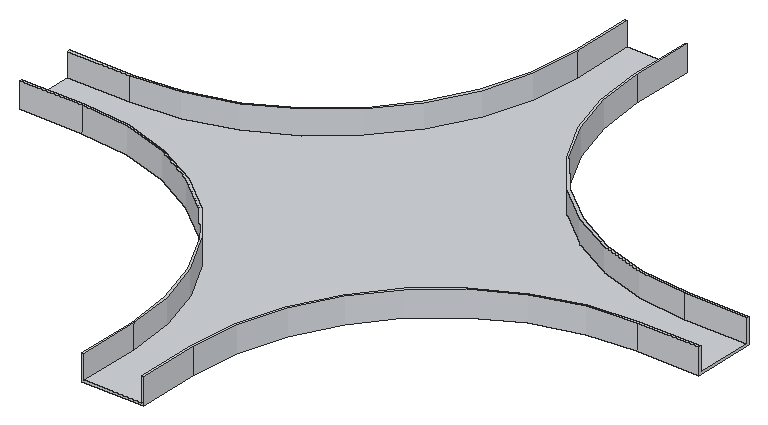
Revit family "69ebaf32ba18456b90096cdc2b6f7419", category Cable Tray Fittings, Revit 2021
Family settings
  Round Connector Dimension = Use Diameter
  Part Type = Channel Cross
  OmniClass Number = 23.80.30.17.17
  OmniClass Title = Cable Trays and Horizontal Racks
  Seek Item ID = Channel Horizontal Cross-0000-USA-ENU
  Work Plane-Based = No
  Always vertical = Yes
  Cut with Voids When Loaded = No
  Shared = No
Parameters (values of type "12" Radius")
  Tray Width 3 [instance] = 3"
  Tray Width 1 [instance] = 3"
  Tray Length [instance] = 3"
  Tray Height [instance] = 1 1/4"
  built-in parameter 1140111 [instance] = 0' - 0 13/128"
  Radius Label 1 [instance] = Radius Label + [built-in parameter 1140111]  # 12 13/128"
  Radius Label [instance] = Radius  # 12"
  Radius = 12"
  Default Elevation = 0' - 0"
Types (5): name | Radius Label 1 | Radius Label | Radius
  (no name) | 12 13/128" | 12" | 12"
  12" Radius | 12 13/128" | 12" | 12"
  24" Radius | 24 13/128" | 24" | 24"
  36" Radius | 36 13/128" | 36" | 36"
  48" Radius | 48 13/128" | 48" | 48"
Reference planes (in)
  plane 1 "Center (Front/Back)": y = 0
  plane 2: z = 0
  plane 3 "Center (Left/Right)": x = 0
  plane 4: y = 1.5
  plane 5: y = -1.5
  plane 6: z = 0.625
  plane 7: z = -0.625
  plane 8: y = -13.5
  plane 9: x = -1.5
  plane 10: x = 1.5
  plane 11: x = -13.5
  plane 12: x = 13.5
  plane 13: y = -1.39844
  plane 14: y = 1.39844
  plane 15: y = -16.5
  plane 16: x = -1.39844
  plane 17: x = 1.39844
  plane 18: x = -16.5
  plane 19: x = 16.5
  plane 20: z = -0.52344
  plane 21: y = 13.5
  plane 22: y = 16.5
Forms (in)
  Extrusion 1, solid, detail levels fine
    sketch origin (0, 0, 0) x (1, 0, 0) y (0, 1, 0)
      loop
        arc (-13.5, -1.5) -> (-5.01472, -5.01472) -> (-1.5, -13.5) r 12
        line (-1.5, -13.5) -> (-1.5, -16.5) -> (-1.39844, -16.5) -> (-1.39844, -13.5)
        arc (-1.39844, -13.5) -> (-4.9429, -4.9429) -> (-13.5, -1.39844) r 12.10156
        line (-13.5, -1.39844) -> (-16.5, -1.39844) -> (-16.5, -1.5) -> (-13.5, -1.5)
      loop
        line (13.5, -1.5) -> (16.5, -1.5) -> (16.5, -1.39844) -> (13.5, -1.39844)
        arc (13.5, -1.39844) -> (4.9429, -4.9429) -> (1.39844, -13.5) r 12.10156
        line (1.39844, -13.5) -> (1.39844, -16.5) -> (1.5, -16.5) -> (1.5, -13.5)
        arc (1.5, -13.5) -> (5.01472, -5.01472) -> (13.5, -1.5) r 12
      loop
        arc (-1.5, 13.5) -> (-5.01472, 5.01472) -> (-13.5, 1.5) r 12
        line (-13.5, 1.5) -> (-16.5, 1.5) -> (-16.5, 1.39844) -> (-13.5, 1.39844)
        arc (-13.5, 1.39844) -> (-4.9429, 4.9429) -> (-1.39844, 13.5) r 12.10156
        line (-1.39844, 13.5) -> (-1.39844, 16.5) -> (-1.5, 16.5) -> (-1.5, 13.5)
      loop
        line (1.39844, 16.5) -> (1.39844, 13.5)
        arc (1.39844, 13.5) -> (4.9429, 4.9429) -> (13.5, 1.39844) r 12.10156
        line (13.5, 1.39844) -> (16.5, 1.39844) -> (16.5, 1.5) -> (13.5, 1.5)
        arc (13.5, 1.5) -> (5.01472, 5.01472) -> (1.5, 13.5) r 12
        line (1.5, 13.5) -> (1.5, 16.5) -> (1.39844, 16.5)
    from -0.625 to 0.625
  Extrusion 2, solid, detail levels fine
    sketch origin (0, 0, 0) x (1, 0, 0) y (0, 1, 0)
      loop
        arc (-13.5, -1.5) -> (-5.01472, -5.01472) -> (-1.5, -13.5) r 12
        line (-1.5, -13.5) -> (-1.5, -16.5) -> (1.5, -16.5) -> (1.5, -13.5)
        arc (1.5, -13.5) -> (5.01472, -5.01472) -> (13.5, -1.5) r 12
        line (13.5, -1.5) -> (16.5, -1.5) -> (16.5, 1.5) -> (13.5, 1.5)
        arc (13.5, 1.5) -> (5.01472, 5.01472) -> (1.5, 13.5) r 12
        line (1.5, 13.5) -> (1.5, 16.5) -> (-1.5, 16.5) -> (-1.5, 13.5)
        arc (-1.5, 13.5) -> (-5.01472, 5.01472) -> (-13.5, 1.5) r 12
        line (-13.5, 1.5) -> (-16.5, 1.5) -> (-16.5, -1.5) -> (-13.5, -1.5)
    from -0.625 to -0.52344
  Extrusion 3, solid, detail levels medium
    sketch origin (0, 0, 0) x (1, 0, 0) y (0, 1, 0)
      loop
        arc (-13.5, -1.5) -> (-5.01472, -5.01472) -> (-1.5, -13.5) r 12
        line (-1.5, -13.5) -> (-1.5, -16.5) -> (1.5, -16.5) -> (1.5, -13.5)
        arc (1.5, -13.5) -> (5.01472, -5.01472) -> (13.5, -1.5) r 12
        line (13.5, -1.5) -> (16.5, -1.5) -> (16.5, 1.5) -> (13.5, 1.5)
        arc (13.5, 1.5) -> (5.01472, 5.01472) -> (1.5, 13.5) r 12
        line (1.5, 13.5) -> (1.5, 16.5) -> (-1.5, 16.5) -> (-1.5, 13.5)
        arc (-1.5, 13.5) -> (-5.01472, 5.01472) -> (-13.5, 1.5) r 12
        line (-13.5, 1.5) -> (-16.5, 1.5) -> (-16.5, -1.5) -> (-13.5, -1.5)
    from -0.625 to 0.625
Cuts and joins
  joined: Extrusion 1, Extrusion 2
Lines and regions (in)
  model lines, detail levels coarse
    curve 1: line (-16.5, 0, 0) -> (16.5, 0, 0)
    curve 2: line (0, 0, 0) -> (0, -16.5, 0)
    curve 3: line (0, 16.5, 0) -> (0, 0, 0)
Dimensions and locks (in)
  equal spacing: plane 4, plane 1 "Center (Front/Back)", plane 5
  "Tray Width 1": plane 4 to plane 5
  equal spacing: plane 6, plane 2, plane 7
  "Tray Height": plane 6 to plane 7
  "Radius Label": plane 5 to plane 8
  equal spacing: plane 9, plane 3 "Center (Left/Right)", plane 10
  "Tray Width 3": plane 9 to plane 10
  "Radius Label": plane 11 to plane 9
  "Radius Label": plane 10 to plane 12
  "built-in parameter 1140111": plane 13 to plane 5
  "built-in parameter 1140111": plane 4 to plane 14
  "Tray Length": plane 8 to plane 15
  "built-in parameter 1140111": plane 9 to plane 16
  "built-in parameter 1140111": plane 17 to plane 10
  "Tray Length": plane 18 to plane 11
  "Tray Length": plane 12 to plane 19
  "built-in parameter 1140111": plane 20 to plane 7
  "Tray Length": plane 21 to plane 22
  "Radius": plane 21 to plane 4
  "Radius Label": radius of Extrusion 1 sketch curve  (x4)
  "Radius Label 1": radius of Extrusion 1 sketch curve  (x4)
  "Radius Label": radius of Extrusion 2 sketch curve  (x4)
  "Radius Label": radius of Extrusion 3 sketch curve  (x4)
  aligned and locked: plane 8 to Extrusion 1 sketch curve  (x8)
  aligned and locked: plane 11 to Extrusion 1 sketch curve  (x6)
  aligned and locked: Extrusion 1 sketch curve to plane 13
  aligned and locked: plane 18 to Extrusion 1 sketch curve  (x2)
  aligned and locked: Extrusion 1 sketch curve to plane 5
  aligned and locked: Extrusion 1 sketch curve to plane 9  (x2)
  aligned and locked: plane 15 to Extrusion 1 sketch curve  (x2)
  aligned and locked: Extrusion 1 sketch curve to plane 16  (x2)
  aligned and locked: plane 16 to Extrusion 1 sketch curve
  aligned and locked: plane 9 to Extrusion 1 sketch curve
  aligned and locked: Extrusion 1 sketch curve to plane 15  (x2)
  aligned and locked: Extrusion 1 sketch curve to plane 18  (x2)
  aligned and locked: Extrusion 1 to plane 7
  aligned and locked: plane 6 to Extrusion 1
  aligned and locked: plane 12 to Extrusion 1 sketch curve  (x6)
  aligned and locked: plane 19 to Extrusion 1 sketch curve  (x3)
  aligned and locked: plane 5 to Extrusion 1 sketch curve
  aligned and locked: plane 13 to Extrusion 1 sketch curve
  aligned and locked: Extrusion 1 sketch curve to plane 19
  aligned and locked: Extrusion 1 sketch curve to plane 17
  aligned and locked: Extrusion 1 sketch curve to plane 10  (x2)
  aligned and locked: plane 10 to Extrusion 1 sketch curve
  aligned and locked: plane 17 to Extrusion 1 sketch curve  (x2)
  aligned and locked: plane 8 to Extrusion 2 sketch curve  (x4)
  aligned and locked: plane 11 to Extrusion 2 sketch curve  (x4)
  aligned and locked: plane 12 to Extrusion 2 sketch curve  (x4)
  aligned and locked: plane 18 to Extrusion 2 sketch curve  (x2)
  aligned and locked: Extrusion 2 sketch curve to plane 5
  aligned and locked: plane 4 to Extrusion 2 sketch curve
  aligned and locked: plane 5 to Extrusion 2 sketch curve
  aligned and locked: plane 19 to Extrusion 2 sketch curve  (x2)
  aligned and locked: plane 15 to Extrusion 2 sketch curve
  aligned and locked: plane 10 to Extrusion 2 sketch curve
  aligned and locked: plane 9 to Extrusion 2 sketch curve
  aligned and locked: Extrusion 2 sketch curve to plane 15
  aligned and locked: Extrusion 2 to plane 7
  aligned and locked: plane 20 to Extrusion 2
  aligned and locked: plane 8 to Extrusion 3 sketch curve  (x3)
  aligned and locked: plane 11 to Extrusion 3 sketch curve  (x4)
  aligned and locked: plane 18 to Extrusion 3 sketch curve  (x2)
  aligned and locked: Extrusion 3 sketch curve to plane 5  (x2)
  aligned and locked: plane 4 to Extrusion 3 sketch curve  (x2)
  aligned and locked: plane 5 to Extrusion 3 sketch curve
  aligned and locked: plane 12 to Extrusion 3 sketch curve  (x3)
  aligned and locked: plane 19 to Extrusion 3 sketch curve  (x2)
  aligned and locked: plane 15 to Extrusion 3 sketch curve
  aligned and locked: Extrusion 3 sketch curve to plane 10  (x2)
  aligned and locked: plane 10 to Extrusion 3 sketch curve
  aligned and locked: plane 9 to Extrusion 3 sketch curve
  aligned and locked: Extrusion 3 sketch curve to plane 15
  aligned and locked: Extrusion 3 to plane 7
  aligned and locked: plane 6 to Extrusion 3
  aligned and locked: plane 19 to curve 1
  aligned and locked: plane 18 to curve 1
  aligned and locked: plane 15 to curve 2
  aligned and locked: plane 1 "Center (Front/Back)" to curve 2
  aligned and locked: curve 2 to plane 3 "Center (Left/Right)"
  aligned and locked: plane 21 to Extrusion 1 sketch curve  (x6)
  aligned and locked: Extrusion 1 sketch curve to plane 14  (x2)
  aligned and locked: Extrusion 1 sketch curve to plane 4  (x2)
  aligned and locked: plane 22 to Extrusion 1 sketch curve  (x4)
  aligned and locked: plane 4 to Extrusion 1 sketch curve
  aligned and locked: plane 14 to Extrusion 1 sketch curve
  aligned and locked: plane 21 to Extrusion 3 sketch curve  (x3)
  aligned and locked: Extrusion 3 sketch curve to plane 4
  aligned and locked: plane 22 to Extrusion 3 sketch curve  (x2)
  aligned and locked: Extrusion 3 sketch curve to plane 9
  aligned and locked: plane 21 to Extrusion 2 sketch curve  (x3)
  aligned and locked: plane 22 to Extrusion 2 sketch curve  (x2)
  aligned and locked: Extrusion 2 sketch curve to plane 9
  aligned and locked: Extrusion 2 sketch curve to plane 10
  aligned and locked: Extrusion 2 sketch curve to plane 4
  aligned and locked: plane 22 to curve 3
  aligned and locked: curve 3 to plane 3 "Center (Left/Right)"
Connectors (in)
  cabletrayconduit at (-16.5, 0, 0), diameter 24, driven by "Tray Height", driven by "Tray Width 1"
    settings: on Extrusion 3, index 1, connector width 0' - 3", connector height 0' - 1 1/4", connector angle 0.00°, system type 32, placement type 0, profile type 1, connector reference index 2, is primary connector yes, connector utility param no, connector description ""
  cabletrayconduit at (16.5, 0, 0), diameter 24, driven by "Tray Height", driven by "Tray Width 1"
    settings: on Extrusion 3, index 2, connector width 0' - 3", connector height 0' - 1 1/4", connector angle 0.00°, system type 32, placement type 0, profile type 1, connector reference index 1, is primary connector no, connector utility param no, connector description ""
  cabletrayconduit at (0, -16.5, 0), diameter 24, driven by "Tray Height", driven by "Tray Width 3"
    settings: on Extrusion 3, index 3, connector width 0' - 3", connector height 0' - 1 1/4", connector angle 0.00°, system type 32, placement type 0, profile type 1, connector reference index 4, is primary connector no, connector utility param no, connector description ""
  cabletrayconduit at (0, 16.5, 0), diameter 24, driven by "Tray Height", driven by "Tray Width 3"
    settings: on Extrusion 3, index 4, connector width 0' - 3", connector height 0' - 1 1/4", connector angle 0.00°, system type 32, placement type 0, profile type 1, connector reference index 3, is primary connector no, connector utility param no, connector description ""
